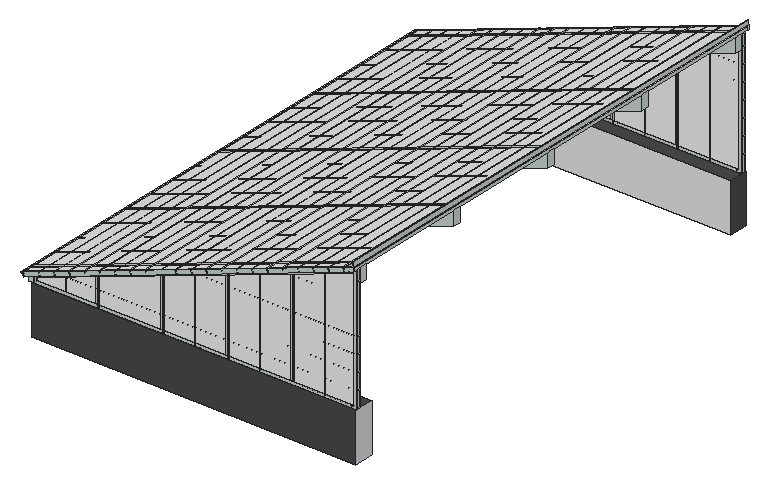
Revit family "Structures Unlimited Shed Skylight", category Generic Models, host Roof, Revit 2018
Family settings
  Host = Roof
  Can host rebar = No
  Round Connector Dimension = Use Diameter
  Part Type = Normal
  Always vertical = No
  Cut with Voids When Loaded = Yes
  Shared = Yes
  Room Calculation Point = No
Parameters (values of type "KCRF Aluminum #79")
  Wall Panel Horizontal PD [instance] = Real OCD Span - 0' 1"  # 19' - 11"
  Vertical PD [instance] = (Real OCD Span + 0' 3") / cos(Real Roof Pitch)  # 21' - 6.5952"
  URL = "https://www.structuresunlimitedinc.com/sui-3d-details/sui-shed-skylight/"
  Top Of Rafter [instance] = Cope Height + ((Real OCD Span - 0' 4 1/2")) * tan(Real Roof Pitch)  # 7' - 7.71499"
  Rows Of Rafters [instance] = Number Of Bays + 1  # 5
  Roof Pitch [instance] = 20.00°
  Right Kalwall Gable [instance] = yes
  Real Roof Pitch [instance] = if(Roof Pitch < 11.77°, 11.77°, if(Roof Pitch > 45.00°, 45.00°, Roof Pitch))  # 20.00°
  Real OCD Span [instance] = if(OCD Span < 10' 0", 10' 0", if(OCD Span > 38' 0", 38' 0", OCD Span))  # 20' - 0"
  Real OCD Length [instance] = if(OCD Length < 10' 0", 10' 0", if(OCD Length > 200' 0", 200' 0", OCD Length))  # 30' - 0"
  Panel Offset [instance] = 0' 5" / cos(Real Roof Pitch)  # 0' - 5.32089"
  OTOBB Span [instance] = Real OCD Span - 0' 4 1/2"  # 19' - 7 1/2"
  OCD Span [instance] = 20' - 0"
  OCD Length [instance] = 30' - 0"
  Number Of Horizontal Grids [instance] = Bay Spacing / 2' 0"  # 4
  Number Of Bays [instance] = if(Bay Spacing Calc > 10' 0", Nominal Number Of Bays + 1, Nominal Number Of Bays)  # 4
  Nominal Number Of Bays [instance] = round(Center To Center Of Beams / Nominal Bay Spacing)  # 4
  Nominal Bay Spacing [instance] = 8' - 0"  # constant formula
  Model = "Shed Skylight"
  Manufacturer = "Structures Unlimited, Inc."
  Left Kalwall Gable [instance] = yes
  KCRF = KCRF Aluminum #79
  Interior Curb Material [instance] = Gypsum Wall Board
  Horizontal PD [instance] = Real OCD Length + 0' 5"  # 30' - 5"
  Horizontal Grid Spacing [instance] = Bay Spacing / Number Of Horizontal Grids  # 1' - 9 3/4"
  Exterior Curb Material [instance] = Roofing, EPDM Membrane
  Even Horizontal Grids Real [instance] = roundup(Number Of Horizontal Grids / 2) = rounddown(Number Of Horizontal Grids / 2)  # yes
  Even Horizontal Grids [instance] = roundup(Number Of Bays / 2) = rounddown(Number Of Bays / 2)  # yes
  Even Bays [instance] = roundup(Number Of Bays / 2) = rounddown(Number Of Bays / 2)  # yes
  Curb Width [instance] = Beam Height + 0' 4"  # 1' - 2"
  Curb Height [instance] = 3' - 0"
  Cope Height [instance] = 0' - 6"  # constant formula
  Center To Center Of Beams [instance] = Real OCD Length - 0' 7" - Beam Width  # 29' - 0"
  Beam Width [instance] = 0' - 5"  # constant formula
  Beam Height [instance] = 0' - 10"  # constant formula
  Bay Spacing Calc [instance] = Center To Center Of Beams / Nominal Number Of Bays  # 7' - 3"
  Bay Spacing [instance] = Center To Center Of Beams / Number Of Bays  # 7' - 3"
Reference planes (in)
  plane 1 "Center (Front/Back)": y = 0
  plane 2 "Roof": z = 144
  plane 3 "Center (Left/Right)": x = 0
  plane 4: x = -120
  plane 5: x = 120
  plane 6: y = -180
  plane 7: y = 180
  plane 8: y = 166
  plane 9: y = -166
  plane 10: x = -106
  plane 11: z = 180
  plane 12 "Roof Pitch": through (-560.82584, -180, 265.6321) normal (-0.342, 0, 0.9397)
  plane 13: z = 271.71499
Forms (in)
  Extrusion 1, solid
    sketch origin (0, 0, 144) x (1, 0, 0) y (0, 1, 0)
      loop
        line (-120, 180) -> (-120, -180) -> (120, -180) -> (120, -166) -> (-106, -166) -> (-106, 166) -> (120, 166) -> (120, 180) -> (-120, 180)
    from 0 to 36
  Extrusion 2, void
    sketch origin (0, 0, 144) x (1, 0, 0) y (0, 1, 0)
      loop
        line (-106, 166) -> (-106, -166) -> (120, -166) -> (120, 166) -> (-106, 166)
    from 0 to 36
Lines and regions (in)
  reference lines
    curve 1: line (-119, 0, 186) -> (385.97172, 0, 369.79468)
    curve 2: line (-124, 0, 184.18015) -> (-183.45256, 0, 347.52472)
Dimensions and locks (in)
  equal spacing: host sketch curve, plane 3 "Center (Left/Right)", host sketch curve
  equal spacing: host sketch curve, plane 1 "Center (Front/Back)", host sketch curve
  equal spacing: plane 4, plane 3 "Center (Left/Right)", plane 5
  equal spacing: plane 7, plane 1 "Center (Front/Back)", plane 6
  "Real OCD Span": plane 4 to plane 5
  "Real OCD Length": plane 7 to plane 6
  "Curb Width": plane 4 to plane 10
  "Curb Width": plane 7 to plane 8
  "Curb Width": plane 9 to plane 6
  "Curb Height": plane 11 to plane 2 "Roof"
  "Cope Height": curve 1 to plane 11
  locked: curve 1 to plane 4 at 1
  "Panel Offset": curve 1 to curve 2
  "Top Of Rafter": plane 13 to plane 11
  locked: plane 4 to nested 1 at 1
  locked: plane 7 to nested 5 at 0.6875
  locked: nested 4 to plane 6 at 0.6875
  locked: plane 4 to nested 3 at 1
  locked: nested 4 to plane 4 at 1
  locked: nested 5 to plane 4 at 1
  "Real Roof Pitch": angle level to plane 12 "Roof Pitch"
  "Real Roof Pitch": angle plane 11 to curve 1
  locked: curve 1 to curve 2 (angle 90.00°)
  aligned and locked: plane 2 "Roof" to level
  aligned and locked: Extrusion 1 sketch curve to plane 8
  aligned and locked: Extrusion 1 sketch curve to plane 10
  aligned and locked: plane 9 to Extrusion 1 sketch curve
  aligned and locked: Extrusion 1 sketch curve to plane 5
  aligned and locked: plane 6 to Extrusion 1 sketch curve
  aligned and locked: plane 4 to Extrusion 1 sketch curve
  aligned and locked: Extrusion 1 sketch curve to plane 7
  aligned and locked: Extrusion 1 to plane 2 "Roof"
  aligned and locked: plane 11 to Extrusion 1
  aligned and locked: Extrusion 2 sketch curve to plane 8
  aligned and locked: Extrusion 2 sketch curve to plane 10
  aligned and locked: plane 9 to Extrusion 2 sketch curve
  aligned and locked: Extrusion 2 to plane 2 "Roof"
  aligned and locked: plane 11 to Extrusion 2
  aligned and locked: curve 2 to curve 1
  aligned and locked: nested 1 to plane 1 "Center (Front/Back)"
  aligned and locked: plane 11 to nested 1
  aligned and locked: nested 2 to curve 1
  aligned and locked: nested 2 to curve 2
  aligned and locked: nested 2 to plane 1 "Center (Front/Back)"
  aligned and locked: nested 3 to plane 1 "Center (Front/Back)"
  aligned and locked: plane 11 to nested 3
  aligned and locked: nested 5 to plane 11
  aligned and locked: nested 4 to plane 11
  aligned and locked: nested 6 to plane 1 "Center (Front/Back)"
  aligned and locked: nested 6 to plane 3 "Center (Left/Right)"
  aligned and locked: plane 11 to nested 6
  aligned and locked: plane 5 to Extrusion 1 sketch curve
  aligned and locked: plane 11 to nested 7
  aligned and locked: plane 5 to nested 7
  aligned and locked: nested 7 to plane 1 "Center (Front/Back)"
  aligned and locked: Extrusion 2 sketch curve to plane 5
Nested families (in)
  nested 1: "Shed Skylight Eave Strut" at (-121, 0, 180), Cope Height <- "Cope Height", OCD Length <- "Real OCD Length", Roof Pitch <- "Real Roof Pitch", Left Kalwall Gable <- "Left Kalwall Gable", Right Kalwall Gable <- "Right Kalwall Gable", CRF <- "KCRF", type "Shed Skylight Eave Strut"
    with Strut Width 0' - 4", Roof Pitch 20.00°, Right Offset 0' - 0 1/2", Right Kalwall Gable yes, OCD Length 30' - 0", Left Offset 0' - 0 1/2", Left Kalwall Gable yes, Cope Height 0' - 6", CRF KCRF Aluminum #79
  nested 2: "Shed Skylight Roof Panels" at (-124, 0, 184.18015) x (0, -1, 0) z (-0.342, 0, 0.9397), CRF <- "KCRF", Bay Spacing <- "Bay Spacing", Horizontal PD <- "Horizontal PD", Vertical PD <- "Vertical PD", Even Bays <- "Even Bays", Horizontal Grid Spacing <- "Horizontal Grid Spacing", Even Grids <- "Even Horizontal Grids Real", type "Shed Skylight Roof Panels"
    with Vertical PD 21' - 6.5952", Vertical Grid Spacing 1' - 0", Panel Skin Thickness 0' - 0.063", Panel Angle 90.00°, Overlap Width 0' - 1 3/4", Overlap Offset 0' - 0 7/8", IBeam Width 0' - 0 1/2", IBeam Thickness 0' - 2 5/8", Horizontal PD 30' - 5", Horizontal Grid Spacing 1' - 9 3/4", Half IBeam Width 0' - 0 1/4", Half Horizontal PD 15' - 2 1/2", Grid Offset 0' - 0", Even Grids yes, Even Bays yes, CRF KCRF Aluminum #79, Bay Spacing 7' - 3", Batten Width 0' - 2", Batten Thickness 0' - 0 1/8", Batten Offset 0' - 0"
  nested 3: "Shed Skylight Edge Cap" at (121, 0, 180), CRF <- "KCRF", Roof Pitch <- "Real Roof Pitch", Span <- "Real OCD Span", Vertical Offset <- "Cope Height", Length <- "Horizontal PD", type "Shed Skylight Edge Cap"
    with Vertical Offset 0' - 6", Thickness 0' - 0 1/8", Span 20' - 0", Roof Pitch 20.00°, Panel Offset 0' - 5.44589", Panel Depth 0' - 2 3/4", Length 30' - 5", Leg Length 0' - 0 1/2", Fake OCD Span 40' - 0", CRF KCRF Aluminum #79
  nested 4: "Shed Skylight Wall Panels" at (-600, -176.5615, 180) x (1, 0, 0) z (0, -1, 0), CRF <- "KCRF", Cope Height <- "Cope Height", Horizontal PD <- "Wall Panel Horizontal PD", Roof Pitch <- "Real Roof Pitch", visible <- "Left Kalwall Gable", type "Shed Skylight Wall Panels"
    with Vertical Grid Spacing 1' - 0", Roof Pitch 20.00°, Panel Skin Thickness 0' - 0.063", Overlap Width 0' - 1 3/4", Overlap Offset 0' - 0 7/8", IBeam Width 0' - 0 1/2", IBeam Thickness 0' - 2 5/8", Horizontal PD 19' - 11", Horizontal Grid Spacing 2' - 0", Half IBeam Width 0' - 0 1/4", Half Horizontal PD 9' - 11 1/2", Cope Height 0' - 6", CRF KCRF Aluminum #79, Bay Spacing 8' - 0", Batten Width 0' - 2", Batten Thickness 0' - 0 1/8"
  nested 5: "Shed Skylight Wall Panels" at (-600, 179.3125, 180) x (1, 0, 0) z (0, -1, 0), CRF <- "KCRF", Cope Height <- "Cope Height", Horizontal PD <- "Wall Panel Horizontal PD", Roof Pitch <- "Real Roof Pitch", visible <- "Right Kalwall Gable", type "Shed Skylight Wall Panels"
    with Vertical Grid Spacing 1' - 0", Roof Pitch 20.00°, Panel Skin Thickness 0' - 0.063", Overlap Width 0' - 1 3/4", Overlap Offset 0' - 0 7/8", IBeam Width 0' - 0 1/2", IBeam Thickness 0' - 2 5/8", Horizontal PD 19' - 11", Horizontal Grid Spacing 2' - 0", Half IBeam Width 0' - 0 1/4", Half Horizontal PD 9' - 11 1/2", Cope Height 0' - 6", CRF KCRF Aluminum #79, Bay Spacing 8' - 0", Batten Width 0' - 2", Batten Thickness 0' - 0 1/8"
  nested 6: "Shed Skylight Framing" at (0, 0, 180), KCRF <- "KCRF", Bay Spacing <- "Bay Spacing", Beam Height <- "Beam Height", Beam Width <- "Beam Width", Cope Height <- "Cope Height", OCD Length <- "Real OCD Length", OCD Span <- "Real OCD Span", Roof Pitch <- "Real Roof Pitch", Even Bays <- "Even Bays", type "Shed Skylight Framing"
    with Void Width 6' - 10", Void Offset 3' - 7 1/2", Roof Pitch 20.00°, OCD Span 20' - 0", OCD Length 30' - 0", KCRF KCRF Aluminum #79, Even Bays yes, Cope Height 0' - 6", Beam Width 0' - 5", Beam Height 0' - 10", Bay Spacing 7' - 3"
  nested 7: "Shed Skylight Ridge Cover" at (120, 0, 180) x (0, 1, 0) z (0, 0, 1), Cope Height <- "Cope Height", CRF <- "KCRF", OCD Length <- "Real OCD Length", OCD Span <- "Real OCD Span", Roof Pitch <- "Real Roof Pitch", type "Shed Skylight Ridge Cover"
    with Top Of Rafter 7' - 8.98889", Top Of RCE 0' - 6.12655", Roof Pitch 20.00°, RCE Offset 0' - 4.0651", OCD Span 20' - 0", OCD Length 30' - 0", Cope Height 0' - 6", CRF KCRF Aluminum #79
Definition of nested family "Shed Skylight Eave Strut"
  Parameters (values of type "Shed Skylight Eave Strut")
    Strut Width [instance] = 0' - 4"  # constant formula
    Roof Pitch [instance] = 25.00°
    Right Offset [instance] = if(Right Kalwall Gable, 0' 0 1/2", 0' 3 1/2")  # 0' - 0 1/2"
    Right Kalwall Gable [instance] = yes
    OCD Length [instance] = 16' - 8"
    Left Offset [instance] = if(Left Kalwall Gable, 0' 0 1/2", 0' 3 1/2")  # 0' - 0 1/2"
    Left Kalwall Gable [instance] = yes
    Cope Height [instance] = 0' - 6"
    CRF [instance] = none
  Reference planes (in)
    plane 1 "Center (Front/Back)": y = 0
    plane 2: z = 0
    plane 3 "Center (Left/Right)": x = 0
    plane 4: y = 100
    plane 5: y = -100
    plane 6: y = 99.5
    plane 7: y = -99.5
    plane 8: x = -2
    plane 9: x = 2
    plane 10: z = 6
    plane 11: z = 0
  Forms (in)
    Extrusion 1, solid, material <- "CRF"
      sketch origin (0, 0, 0) x (1, 0, 0) y (0, 0, 1)
        loop
          line (2, 6) -> (-2, 4.13477) -> (-2, 0) -> (2, 0) -> (2, 6)
      from -99.5 to 99.5
  Lines and regions (in)
    reference lines
      curve 1: line (2, 0, 6) -> (-2, 0, 4.13477)
  Dimensions and locks (in)
    equal spacing: plane 4, plane 1 "Center (Front/Back)", plane 5
    "OCD Length": plane 4 to plane 5
    "Right Offset": plane 4 to plane 6
    "Left Offset": plane 7 to plane 5
    "Strut Width": plane 8 to plane 9
    "Cope Height": plane 10 to plane 2
    locked: plane 9 to curve 1
    locked: plane 10 to curve 1
    locked: curve 1 to plane 8 at 0
    equal spacing: plane 8, plane 3 "Center (Left/Right)", plane 9
    "Roof Pitch": angle plane 2 to curve 1
    aligned and locked: plane 2 to level
    aligned and locked: Extrusion 1 sketch curve to plane 9
    aligned and locked: Extrusion 1 sketch curve to curve 1
    aligned and locked: plane 8 to Extrusion 1 sketch curve
    aligned and locked: plane 2 to Extrusion 1 sketch curve
    aligned and locked: plane 2 to plane 11
    aligned and locked: Extrusion 1 to plane 7
    aligned and locked: plane 6 to Extrusion 1
Definition of nested family "Shed Skylight Roof Panels"
  Parameters (values of type "Shed Skylight Roof Panels")
    Vertical PD [instance] = 14' - 7"
    Vertical Grid Spacing [instance] = 1' - 0"  # constant formula
    Panel Skin Thickness [instance] = 0' - 0.063"  # constant formula
    Panel Angle [instance] = 90.00°
    Overlap Width [instance] = 0' - 1 3/4"  # constant formula
    Overlap Offset [instance] = Overlap Width / 2  # 0' - 0 7/8"
    IBeam Width [instance] = 0' - 0 1/2"  # constant formula
    IBeam Thickness [instance] = 0' - 2 5/8"  # constant formula
    Horizontal PD [instance] = 16' - 8"
    Horizontal Grid Spacing [instance] = 2' - 0"
    Half IBeam Width [instance] = IBeam Width / 2  # 0' - 0 1/4"
    Half Horizontal PD [instance] = Horizontal PD / 2  # 8' - 4"
    Grid Offset [instance] = if(Even Grids, 0' 0", Horizontal Grid Spacing / 2)  # 1' - 0"
    Even Grids [instance] = no
    Even Bays [instance] = no
    Default Elevation = 4' - 0"
    CRF [instance] = none
    Bay Spacing [instance] = 8' - 0"
    Batten Width [instance] = 0' - 2"  # constant formula
    Batten Thickness [instance] = 0' - 0 1/8"  # constant formula
    Batten Offset [instance] = if(Even Bays, 0' 0", Bay Spacing / 2)  # 4' - 0"
  Reference planes (in)
    plane 1 "Center (Front/Back)": y = 0
    plane 2: z = 0
    plane 3 "Center (Left/Right)": x = 0
    plane 4 "Left Panel": x = -100
    plane 5 "Right Panel": x = 100
    plane 6: z = 0.063
    plane 7: z = 2.688
    plane 8: z = 2.751
    plane 9: y = -1.75
    plane 10 "Left Outside": x = -2000
    plane 11 "Right Outside": x = 2000
    plane 12: y = 0.25
    plane 13 "Max Top PD": y = 1080
    plane 14 "Max Left PD": x = -1976
    plane 15 "Max Right PD": x = 1976
    plane 16 "Top Outside": y = 1104
    plane 17: x = -36
    plane 18: x = -60
    plane 19: x = -84
    plane 20: x = -108
    plane 21: x = -132
    plane 22: x = -156
    plane 23: x = -180
    plane 24: x = -204
    plane 25: x = 12
    plane 26: x = 36
    plane 27: x = 60
    plane 28: x = 84
    plane 29: x = 108
    plane 30: x = 132
    plane 31: x = 156
    plane 32: x = 180
    plane 33: x = 204
    plane 34: x = -228
    plane 35: x = -252
    plane 36: x = 228
    plane 37: x = -276
    plane 38: x = -300
    plane 39: x = -324
    plane 40: x = -348
    plane 41: x = -372
    plane 42: x = -396
    plane 43: x = -420
    plane 44: x = 252
    plane 45: x = 276
    plane 46: x = 300
    plane 47: x = 324
    plane 48: x = 348
    plane 49: x = 372
    plane 50: x = 396
    plane 51: y = 12.25
    plane 52: y = 24.25
    plane 53: y = 36.25
    plane 54: y = 48.25
    plane 55: y = 60.25
    plane 56: y = 72.25
    plane 57: y = 84.25
    plane 58: y = 96.25
    plane 59: y = 108.25
    plane 60: z = 2.876
    plane 61: z = -0.125
    plane 62 "Bot Max": y = -36
    plane 63 "Bot Outside": y = -48
    plane 64: x = -444
    plane 65: x = -468
    plane 66: x = 420
    plane 67: x = 444
    plane 68: y = 120.25
    plane 69: y = 132.25
    plane 70: y = 144.25
    plane 71: y = 156.25
    plane 72: y = 168.25
    plane 73: y = 180.25
    plane 74: y = 192.25
    plane 75: y = 204.25
    plane 76: y = 216.25
    plane 77: y = 228.25
    plane 78: y = 240.25
    plane 79: y = 252.25
    plane 80: y = 264.25
    plane 81: y = 276.25
    plane 82: y = 288.25
    plane 83: y = 300.25
    plane 84: y = 312.25
    plane 85: y = 324.25
    plane 86: y = 336.25
    plane 87: y = 348.25
    plane 88: y = 360.25
    plane 89: y = 372.25
    plane 90: y = 384.25
    plane 91: y = 396.25
    plane 92: y = 408.25
    plane 93: y = 420.25
    plane 94: y = 432.25
    plane 95: y = 444.25
    plane 96: y = 456.25
    plane 97: y = 468.25
    plane 98: y = 480.25
    plane 99: y = 492.25
    plane 100: y = 504.25
    plane 101: y = 516.25
    plane 102: y = 528.25
    plane 103: x = -492
    plane 104: x = -516
    plane 105: x = -540
    plane 106: x = -564
    plane 107: x = -588
    plane 108: x = -612
    plane 109: x = -636
    plane 110: x = -660
    plane 111: x = -684
    plane 112: x = -708
    plane 113: x = -732
    plane 114: x = -756
    plane 115: x = 468
    plane 116: x = 492
    plane 117: x = 540
    plane 118: x = 516
    plane 119: x = 564
    plane 120: x = 588
    plane 121: x = 636
    plane 122: x = 612
    plane 123: x = 660
    plane 124: x = 684
    plane 125: x = 708
    plane 126: x = 732
    plane 127: y = 540.25
    plane 128: y = 552.25
    plane 129: y = 564.25
    plane 130: y = 576.25
    plane 131: y = 588.25
    plane 132: y = 600.25
    plane 133: y = 612.25
    plane 134: y = 624.25
    plane 135: y = 636.25
    plane 136: y = 648.25
    plane 137: y = 660.25
    plane 138: y = 684.25
    plane 139: y = 696.25
    plane 140: y = 672.25
    plane 141: y = 708.25
    plane 142: y = 720.25
    plane 143: y = 744.25
    plane 144: y = 732.25
    plane 145: y = 768.25
    plane 146: y = 756.25
    plane 147: y = 780.25
    plane 148: y = 804.25
    plane 149: y = 792.25
    plane 150: y = 816.25
    plane 151: y = 828.25
    plane 152: y = 840.25
    plane 153: y = 852.25
    plane 154: y = 864.25
    plane 155: y = 876.25
    plane 156: y = 888.25
    plane 157: y = 900.25
    plane 158: y = 912.25
    plane 159: y = 936.25
    plane 160: y = 948.25
    plane 161: y = 960.25
    plane 162: y = 924.25
    plane 163: x = -780
    plane 164: x = -804
    plane 165: x = -828
    plane 166: x = -852
    plane 167: x = -876
    plane 168: x = -900
    plane 169: x = -924
    plane 170: x = -948
    plane 171: x = -972
    plane 172: x = 756
    plane 173: x = 780
    plane 174: x = 804
    plane 175: x = 828
    plane 176: x = 852
    plane 177: x = 876
    plane 178: x = 900
    plane 179: x = 924
    plane 180: x = 948
    plane 181: x = -996
    plane 182: x = -1020
    plane 183: x = -1044
    plane 184: x = -1068
    plane 185: x = 972
    plane 186: x = 996
    plane 187: x = 1020
    plane 188: x = 1044
    plane 189: x = -1092
    plane 190: x = -1116
    plane 191: x = -1140
    plane 192: x = -1164
    plane 193: x = 1068
    plane 194: x = 1092
    plane 195: x = 1116
    plane 196: x = 1140
    plane 197: x = -1188
    plane 198: x = -1212
    plane 199: x = -1236
    plane 200: x = 1188
    plane 201: x = 1164
    plane 202: x = 1212
    plane 203: y = 175.25
    plane 204: x = -1200
    plane 205: x = -1104
    plane 206: x = -1008
    plane 207: x = -912
    plane 208: x = -816
    plane 209: x = -720
    plane 210: x = -624
    plane 211: x = -528
    plane 212: x = -432
    plane 213: x = -336
    plane 214: x = -240
    plane 215: x = -144
    plane 216: x = -48
    plane 217: x = 48
    plane 218: x = 144
    plane 219: x = 240
    plane 220: x = 336
    plane 221: x = 432
    plane 222: x = 528
    plane 223: x = 624
    plane 224: x = 720
    plane 225: x = 816
    plane 226: x = 912
    plane 227: x = 1008
    plane 228: x = 1104
    plane 229: x = 1200
    plane 230: x = -12
  Forms (in)
    Extrusion 1, solid
      sketch origin (0, 0, 0) x (1, 0, 0) y (0, 1, 0)
        loop
          line (1976, 0) -> (1976, 1080) -> (-1976, 1080) -> (-1976, 0) -> (1976, 0)
      from 0.063 to 0
    Extrusion 2, solid
      sketch origin (0, 0, 0) x (1, 0, 0) y (0, 1, 0)
        loop
          line (1976, -1.75) -> (1976, 1080) -> (-1976, 1080) -> (-1976, -1.75) -> (1976, -1.75)
      from 2.688 to 2.751
    Sweep 3, solid
      path origin (0, 0, 0) x (1, 0, 0) y (0, 1, 0)
        loop
          line (1976, 1080) -> (1976, 0.25) -> (1212, 0.25) -> (1212, 1080) -> (1188, 1080) -> (1188, 0.25) -> (1164, 0.25) -> (1164, 1080) -> (1140, 1080) -> (1140, 0.25) -> (1116, 0.25) -> (1116, 1080) -> (1092, 1080) -> (1092, 0.25) -> (1068, 0.25) -> (1068, 1080) -> (1044, 1080) -> (1044, 0.25) -> (1020, 0.25) -> (1020, 1080) -> (996, 1080) -> (996, 0.25) -> (972, 0.25) -> (972, 1080) -> (948, 1080) -> (948, 0.25) -> (924, 0.25) -> (924, 1080) -> (900, 1080) -> (900, 0.25) -> (876, 0.25) -> (876, 1080) -> (852, 1080) -> (852, 0.25) -> (828, 0.25) -> (828, 1080) -> (804, 1080) -> (804, 0.25) -> (780, 0.25) -> (780, 1080) -> (756, 1080) -> (756, 0.25) -> (732, 0.25) -> (732, 1080) -> (708, 1080) -> (708, 0.25) -> (684, 0.25) -> (684, 1080) -> (660, 1080) -> (660, 0.25) -> (636, 0.25) -> (636, 1080) -> (612, 1080) -> (612, 0.25) -> (588, 0.25) -> (588, 1080) -> (564, 1080) -> (564, 0.25) -> (540, 0.25) -> (540, 1080) -> (516, 1080) -> (516, 0.25) -> (492, 0.25) -> (492, 1080) -> (468, 1080) -> (468, 0.25) -> (444, 0.25) -> (444, 1080) -> (420, 1080) -> (420, 0.25) -> (396, 0.25) -> (396, 1080) -> (372, 1080) -> (372, 0.25) -> (348, 0.25) -> (348, 1080) -> (324, 1080) -> (324, 0.25) -> (300, 0.25) -> (300, 1080) -> (276, 1080) -> (276, 0.25) -> (252, 0.25) -> (252, 1080) -> (228, 1080) -> (228, 0.25) -> (204, 0.25) -> (204, 1080) -> (180, 1080) -> (180, 0.25) -> (156, 0.25) -> (156, 1080) -> (132, 1080) -> (132, 0.25) -> (108, 0.25) -> (108, 1080) -> (84, 1080) -> (84, 0.25) -> (60, 0.25) -> (60, 1080) -> (36, 1080) -> (36, 0.25) -> (12, 0.25) -> (12, 1080) -> (-12, 1080) -> (-12, 0.25) -> (-36, 0.25) -> (-36, 1080) -> (-60, 1080) -> (-60, 0.25) -> (-84, 0.25) -> (-84, 1080) -> (-108, 1080) -> (-108, 0.25) -> (-132, 0.25) -> (-132, 1080) -> (-156, 1080) -> (-156, 0.25) -> (-180, 0.25) -> (-180, 1080) -> (-204, 1080) -> (-204, 0.25) -> (-228, 0.25) -> (-228, 1080) -> (-252, 1080) -> (-252, 0.25) -> (-276, 0.25) -> (-276, 1080) -> (-300, 1080) -> (-300, 0.25) -> (-324, 0.25) -> (-324, 1080) -> (-348, 1080) -> (-348, 0.25) -> (-372, 0.25) -> (-372, 1080) -> (-396, 1080) -> (-396, 0.25) -> (-420, 0.25) -> (-420, 1080) -> (-444, 1080) -> (-444, 0.25) -> (-468, 0.25) -> (-468, 1080) -> (-492, 1080) -> (-492, 0.25) -> (-516, 0.25) -> (-516, 1080) -> (-540, 1080) -> (-540, 0.25) -> (-564, 0.25) -> (-564, 1080) -> (-588, 1080) -> (-588, 0.25) -> (-612, 0.25) -> (-612, 1080) -> (-636, 1080) -> (-636, 0.25) -> (-660, 0.25) -> (-660, 1080) -> (-684, 1080) -> (-684, 0.25) -> (-708, 0.25) -> (-708, 1080) -> (-732, 1080) -> (-732, 0.25) -> (-756, 0.25) -> (-756, 1080) -> (-780, 1080) -> (-780, 0.25) -> (-804, 0.25) -> (-804, 1080) -> (-828, 1080) -> (-828, 0.25) -> (-852, 0.25) -> (-852, 1080) -> (-876, 1080) -> (-876, 0.25) -> (-900, 0.25) -> (-900, 1080) -> (-924, 1080) -> (-924, 0.25) -> (-948, 0.25) -> (-948, 1080) -> (-972, 1080) -> (-972, 0.25) -> (-996, 0.25) -> (-996, 1080) -> (-1020, 1080) -> (-1020, 0.25) -> (-1044, 0.25) -> (-1044, 1080) -> (-1068, 1080) -> (-1068, 0.25) -> (-1092, 0.25) -> (-1092, 1080) -> (-1116, 1080) -> (-1116, 0.25) -> (-1140, 0.25) -> (-1140, 1080) -> (-1164, 1080) -> (-1164, 0.25) -> (-1188, 0.25) -> (-1188, 1080) -> (-1212, 1080) -> (-1212, 0.25) -> (-1236, 0.25) -> (-1236, 1080) -> (-1976, 1080) -> (-1976, 0.25)
      profile origin (-1976, 540.125, 0) x (1, 0, 0) y (0, 0, 1)
        loop
          line (0.25, 0.063) -> (0.25, 2.688) -> (-0.25, 2.688) -> (-0.25, 0.063) -> (0.25, 0.063)
    Sweep 4, solid
      path origin (0, 0, 0) x (1, 0, 0) y (0, 1, 0)
        loop
          line (1976, 1080) -> (-1976, 1080) -> (-1976, 960.25) -> (1976, 960.25) -> (1976, 948.25) -> (-1976, 948.25) -> (-1976, 936.25) -> (1976, 936.25) -> (1976, 924.25) -> (-1976, 924.25) -> (-1976, 912.25) -> (1976, 912.25) -> (1976, 900.25) -> (-1976, 900.25) -> (-1976, 888.25) -> (1976, 888.25) -> (1976, 876.25) -> (-1976, 876.25) -> (-1976, 864.25) -> (1976, 864.25) -> (1976, 852.25) -> (-1976, 852.25) -> (-1976, 840.25) -> (1976, 840.25) -> (1976, 828.25) -> (-1976, 828.25) -> (-1976, 816.25) -> (1976, 816.25) -> (1976, 804.25) -> (-1976, 804.25) -> (-1976, 792.25) -> (1976, 792.25) -> (1976, 780.25) -> (-1976, 780.25) -> (-1976, 768.25) -> (1976, 768.25) -> (1976, 756.25) -> (-1976, 756.25) -> (-1976, 744.25) -> (1976, 744.25) -> (1976, 732.25) -> (-1976, 732.25) -> (-1976, 720.25) -> (1976, 720.25) -> (1976, 708.25) -> (-1976, 708.25) -> (-1976, 696.25) -> (1976, 696.25) -> (1976, 684.25) -> (-1976, 684.25) -> (-1976, 672.25) -> (1976, 672.25) -> (1976, 660.25) -> (-1976, 660.25) -> (-1976, 648.25) -> (1976, 648.25) -> (1976, 636.25) -> (-1976, 636.25) -> (-1976, 624.25) -> (1976, 624.25) -> (1976, 612.25) -> (-1976, 612.25) -> (-1976, 600.25) -> (1976, 600.25) -> (1976, 588.25) -> (-1976, 588.25) -> (-1976, 576.25) -> (1976, 576.25) -> (1976, 564.25) -> (-1976, 564.25) -> (-1976, 552.25) -> (1976, 552.25) -> (1976, 540.25) -> (-1976, 540.25) -> (-1976, 528.25) -> (1976, 528.25) -> (1976, 516.25) -> (-1976, 516.25) -> (-1976, 504.25) -> (1976, 504.25) -> (1976, 492.25) -> (-1976, 492.25) -> (-1976, 480.25) -> (1976, 480.25) -> (1976, 468.25) -> (-1976, 468.25) -> (-1976, 456.25) -> (1976, 456.25) -> (1976, 444.25) -> (-1976, 444.25) -> (-1976, 432.25) -> (1976, 432.25) -> (1976, 420.25) -> (-1976, 420.25) -> (-1976, 408.25) -> (1976, 408.25) -> (1976, 396.25) -> (-1976, 396.25) -> (-1976, 384.25) -> (1976, 384.25) -> (1976, 372.25) -> (-1976, 372.25) -> (-1976, 360.25) -> (1976, 360.25) -> (1976, 348.25) -> (-1976, 348.25) -> (-1976, 336.25) -> (1976, 336.25) -> (1976, 324.25) -> (-1976, 324.25) -> (-1976, 312.25) -> (1976, 312.25) -> (1976, 300.25) -> (-1976, 300.25) -> (-1976, 288.25) -> (1976, 288.25) -> (1976, 276.25) -> (-1976, 276.25) -> (-1976, 264.25) -> (1976, 264.25) -> (1976, 252.25) -> (-1976, 252.25) -> (-1976, 240.25) -> (1976, 240.25) -> (1976, 228.25) -> (-1976, 228.25) -> (-1976, 216.25) -> (1976, 216.25) -> (1976, 204.25) -> (-1976, 204.25) -> (-1976, 192.25) -> (1976, 192.25) -> (1976, 180.25) -> (-1976, 180.25) -> (-1976, 168.25) -> (1976, 168.25) -> (1976, 156.25) -> (-1976, 156.25) -> (-1976, 144.25) -> (1976, 144.25) -> (1976, 132.25) -> (-1976, 132.25) -> (-1976, 120.25) -> (1976, 120.25) -> (1976, 108.25) -> (-1976, 108.25) -> (-1976, 96.25) -> (1976, 96.25) -> (1976, 84.25) -> (-1976, 84.25) -> (-1976, 72.25) -> (1976, 72.25) -> (1976, 60.25) -> (-1976, 60.25) -> (-1976, 48.25) -> (1976, 48.25) -> (1976, 36.25) -> (-1976, 36.25) -> (-1976, 24.25) -> (1976, 24.25) -> (1976, 12.25) -> (-1976, 12.25) -> (-1976, 0.25) -> (1976, 0.25)
      profile origin (0, 0.25, 0) x (0, 1, 0) y (0, 0, 1)
        loop
          line (-0.25, 2.688) -> (-0.25, 0.063) -> (0.25, 0.063) -> (0.25, 2.688) -> (-0.25, 2.688)
    Extrusion 5, void
      sketch origin (0, 0, 0) x (1, 0, 0) y (0, 1, 0)
        loop
          line (-100, -1.75) -> (-100, 175.25) -> (100, 175.25) -> (100, -1.75) -> (2000, -1.75) -> (2000, 1104) -> (-2000, 1104) -> (-2000, -1.75) -> (-100, -1.75)
      from -0.125 to 2.876
    Extrusion 6, void
      sketch origin (0, 0, 0) x (1, 0, 0) y (0, 1, 0)
        loop
          line (-2000, -48) -> (2000, -48) -> (2000, 0) -> (-2000, 0) -> (-2000, -48)
      from -0.125 to 2.876
    Sweep 7, solid, material <- "CRF"
      path origin (0, 0, 0) x (1, 0, 0) y (0, 1, 0)
        loop
          line (1976, 1079.125) -> (-1976, 1079.125) -> (-1976, 959.375) -> (1976, 959.375) -> (1976, 899.375) -> (-1976, 899.375) -> (-1976, 839.375) -> (1976, 839.375) -> (1976, 779.375) -> (-1976, 779.375) -> (-1976, 719.375) -> (1976, 719.375) -> (1976, 659.375) -> (-1976, 659.375) -> (-1976, 599.375) -> (1976, 599.375) -> (1976, 539.375) -> (-1976, 539.375) -> (-1976, 479.375) -> (1976, 479.375) -> (1976, 419.375) -> (-1976, 419.375) -> (-1976, 359.375) -> (1976, 359.375) -> (1976, 299.375) -> (-1976, 299.375) -> (-1976, 239.375) -> (1976, 239.375) -> (1976, 179.375) -> (-1976, 179.375) -> (-1976, 119.375) -> (1976, 119.375) -> (1976, 59.375) -> (-1976, 59.375)
      profile origin (0, 59.375, 0) x (0, -1, 0) y (0, 0, 1)
        loop
          line (-0.875, 2.688) -> (-0.875, -0.125) -> (0.875, -0.125) -> (0.875, 2.688) -> (-0.875, 2.688)
    Sweep 8, solid, material <- "CRF"
      path origin (0, 0, 0) x (1, 0, 0) y (0, 1, 0)
        loop
          line (1976, -36) -> (1976, 1080) -> (1200, 1080) -> (1200, -36) -> (1104, -36) -> (1104, 1080) -> (1008, 1080) -> (1008, -36) -> (912, -36) -> (912, 1080) -> (816, 1080) -> (816, -36) -> (720, -36) -> (720, 1080) -> (624, 1080) -> (624, -36) -> (528, -36) -> (528, 1080) -> (432, 1080) -> (432, -36) -> (336, -36) -> (336, 1080) -> (240, 1080) -> (240, -36) -> (144, -36) -> (144, 1080) -> (48, 1080) -> (48, -36) -> (-48, -36) -> (-48, 1080) -> (-144, 1080) -> (-144, -36) -> (-240, -36) -> (-240, 1080) -> (-336, 1080) -> (-336, -36) -> (-432, -36) -> (-432, 1080) -> (-528, 1080) -> (-528, -36) -> (-624, -36) -> (-624, 1080) -> (-720, 1080) -> (-720, -36) -> (-816, -36) -> (-816, 1080) -> (-912, 1080) -> (-912, -36) -> (-1008, -36) -> (-1008, 1080) -> (-1104, 1080) -> (-1104, -36) -> (-1200, -36) -> (-1200, 1080) -> (-1976, 1080) -> (-1976, -36)
      profile origin (-1976, 522, 0) x (1, 0, 0) y (0, 0, 1)
        loop
          line (-1, 2.876) -> (-1, -0.125) -> (1, -0.125) -> (1, 2.876) -> (-1, 2.876)
    Extrusion 9, solid, material <- "CRF"
      sketch origin (0, 0, 0) x (0, 1, 0) y (0, 0, 1)
        loop
          line (0, 2.688) -> (-1.75, 2.688) -> (-1.75, 2.563) -> (-0.125, 2.563) -> (-0.125, -0.125) -> (0.5, -0.125) -> (0.5, 0) -> (0, 0) -> (0, 2.688)
      from -1976 to 1976
  Cuts and joins
    Extrusion 5, Extrusion 6 cuts Sweep 4
    Extrusion 5, Extrusion 6 cuts Sweep 3
    Extrusion 5 cuts Extrusion 2
    Extrusion 5, Extrusion 6 cuts Extrusion 1
    Extrusion 5 cuts Sweep 7
    Extrusion 5, Extrusion 6 cuts Sweep 8
    Extrusion 5 cuts Extrusion 9
  Lines and regions (in)
    reference lines
      curve 1: line (-100, 0, 0) -> (-100, 318, 0)
      curve 2: line (100, 0, 0) -> (100, 456, 0)
  Dimensions and locks (in)
    locked: plane 1 "Center (Front/Back)" to curve 1
    locked: plane 4 "Left Panel" to curve 1
    locked: plane 5 "Right Panel" to curve 2
    locked: plane 1 "Center (Front/Back)" to curve 2 at 0
    "Panel Skin Thickness": plane 6 to plane 2
    "IBeam Thickness": plane 7 to plane 6
    "Panel Skin Thickness": plane 8 to plane 7
    "Half Horizontal PD": plane 4 "Left Panel" to plane 3 "Center (Left/Right)"
    "Half Horizontal PD": plane 3 "Center (Left/Right)" to plane 5 "Right Panel"
    "Overlap Width": plane 1 "Center (Front/Back)" to plane 9
    locked: plane 10 "Left Outside" to plane 3 "Center (Left/Right)" at 2000
    locked: plane 3 "Center (Left/Right)" to plane 11 "Right Outside" at 2000
    "Half IBeam Width": plane 1 "Center (Front/Back)" to plane 12
    locked: plane 1 "Center (Front/Back)" to plane 13 "Max Top PD" at 1080
    equal spacing: Sweep 3 sketch curve, profile plane, Sweep 3 sketch curve
    "IBeam Width": Sweep 3 sketch curve to Sweep 3 sketch curve
    "IBeam Width": Sweep 4 sketch curve to Sweep 4 sketch curve
    equal spacing: Sweep 4 sketch curve, plane 12, Sweep 4 sketch curve
    "Batten Thickness": plane 60 to plane 8
    "Batten Thickness": plane 2 to plane 61
    locked: plane 62 "Bot Max" to plane 1 "Center (Front/Back)" at 36
    locked: plane 63 "Bot Outside" to plane 1 "Center (Front/Back)" at 48
    "Vertical Grid Spacing": plane 102 to plane 101 to plane 100 to plane 99 to plane 98 to plane 97 to plane 96 to plane 95 to plane 94 to plane 93 to plane 92 to plane 91 to plane 90 to plane 89 to plane 88 to plane 87 to plane 86 to plane 85 to plane 84 to plane 83 to plane 82 to plane 81 to plane 80 to plane 79 to plane 78 to plane 77 to plane 76 to plane 75 to plane 74 to plane 73 to plane 72 to plane 71 to plane 70 to plane 69 to plane 68 to plane 59 to plane 58 to plane 57 to plane 56 to plane 55 to plane 54 to plane 53 to plane 52 to plane 51 to plane 12
    "Overlap Offset": Sweep 7 sketch curve to plane 55
    "Overlap Offset": plane 68 to Sweep 7 sketch curve
    "Overlap Offset": plane 73 to Sweep 7 sketch curve
    "Overlap Offset": plane 78 to Sweep 7 sketch curve
    "Overlap Offset": plane 83 to Sweep 7 sketch curve
    "Overlap Offset": Sweep 7 sketch curve to plane 88
    "Overlap Offset": plane 93 to Sweep 7 sketch curve
    "Overlap Offset": Sweep 7 sketch curve to plane 98
    "Overlap Offset": plane 13 "Max Top PD" to Sweep 7 sketch curve
    equal spacing: Sweep 7 sketch curve, profile plane, Sweep 7 sketch curve
    "Overlap Width": Sweep 7 sketch curve to Sweep 7 sketch curve
    locked: plane 10 "Left Outside" to plane 14 "Max Left PD" at 24
    locked: plane 15 "Max Right PD" to plane 11 "Right Outside" at 24
    locked: plane 16 "Top Outside" to plane 13 "Max Top PD" at 24
    "Vertical Grid Spacing": plane 102 to plane 127 to plane 128 to plane 129 to plane 130 to plane 131 to plane 132 to plane 133 to plane 134 to plane 135 to plane 136 to plane 137 to plane 140 to plane 138 to plane 139 to plane 141 to plane 142 to plane 144 to plane 143 to plane 146 to plane 145 to plane 147
    "Vertical Grid Spacing": plane 147 to plane 149 to plane 148 to plane 150 to plane 151 to plane 152 to plane 153 to plane 154 to plane 155 to plane 156 to plane 157 to plane 158 to plane 162 to plane 159 to plane 160 to plane 161
    "Overlap Offset": Sweep 7 sketch curve to plane 127
    "Overlap Offset": plane 132 to Sweep 7 sketch curve
    "Overlap Offset": Sweep 7 sketch curve to plane 137
    "Overlap Offset": Sweep 7 sketch curve to plane 142
    "Overlap Offset": Sweep 7 sketch curve to plane 147
    "Overlap Offset": Sweep 7 sketch curve to plane 152
    "Overlap Offset": plane 157 to Sweep 7 sketch curve
    "Overlap Offset": Sweep 7 sketch curve to plane 161
    "Vertical PD": plane 203 to plane 12
    "Batten Offset": plane 216 to plane 3 "Center (Left/Right)"
    "Bay Spacing": plane 204 to plane 205 to plane 206 to plane 207 to plane 208 to plane 209 to plane 210 to plane 211 to plane 212 to plane 213 to plane 214 to plane 215 to plane 216
    "Bay Spacing": plane 216 to plane 217 to plane 218 to plane 219 to plane 220 to plane 221 to plane 222 to plane 223 to plane 224 to plane 225 to plane 226 to plane 227 to plane 228
    equal spacing: Sweep 8 sketch curve, profile plane, Sweep 8 sketch curve
    "Batten Width": Sweep 8 sketch curve to Sweep 8 sketch curve
    "Bay Spacing": plane 228 to plane 229
    locked: Extrusion 9 sketch curve to Extrusion 9 sketch curve at 0.125  (x3)
    locked: Extrusion 9 sketch curve to Extrusion 9 sketch curve at 0.5
    "Grid Offset": plane 230 to plane 3 "Center (Left/Right)"
    "Horizontal Grid Spacing": plane 199 to plane 198 to plane 197 to plane 192 to plane 191 to plane 190 to plane 189 to plane 184 to plane 183 to plane 182 to plane 181 to plane 171 to plane 170 to plane 169 to plane 168 to plane 167 to plane 166 to plane 165 to plane 164 to plane 163 to plane 114 to plane 113 to plane 112 to plane 111 to plane 110 to plane 109 to plane 108 to plane 107 to plane 106 to plane 105 to plane 104 to plane 103 to plane 65 to plane 64 to plane 43 to plane 42 to plane 41 to plane 40 to plane 39 to plane 38 to plane 37 to plane 35 to plane 34 to plane 24 to plane 23 to plane 22 to plane 21 to plane 20 to plane 19 to plane 18 to plane 17 to plane 230 to plane 25 to plane 26 to plane 27 to plane 28 to plane 29 to plane 30 to plane 31 to plane 32 to plane 33 to plane 36 to plane 44 to plane 45 to plane 46 to plane 47 to plane 48 to plane 49 to plane 50 to plane 66 to plane 67 to plane 115 to plane 116 to plane 118 to plane 117 to plane 119 to plane 120 to plane 122 to plane 121 to plane 123 to plane 124 to plane 125 to plane 126 to plane 172 to plane 173 to plane 174 to plane 175 to plane 176 to plane 177 to plane 178 to plane 179 to plane 180 to plane 185 to plane 186 to plane 187 to plane 188 to plane 193 to plane 194 to plane 195 to plane 196 to plane 201 to plane 200 to plane 202
    "Panel Angle": angle plane 1 "Center (Front/Back)" to curve 1
    "Panel Angle": angle curve 2 to plane 1 "Center (Front/Back)"
    aligned and locked: level to plane 2
    aligned and locked: Extrusion 1 sketch curve to plane 1 "Center (Front/Back)"
    aligned and locked: plane 2 to Extrusion 1
    aligned and locked: Extrusion 1 to plane 6
    aligned and locked: Extrusion 2 sketch curve to plane 9
    aligned and locked: Extrusion 2 to plane 7
    aligned and locked: Extrusion 2 to plane 8
    aligned and locked: Sweep 3 sketch curve to plane 14 "Max Left PD"
    aligned and locked: Sweep 3 sketch curve to plane 13 "Max Top PD"  (x42)
    aligned and locked: Sweep 3 sketch curve to plane 42
    aligned and locked: Sweep 3 sketch curve to plane 41
    aligned and locked: Sweep 3 sketch curve to plane 40
    aligned and locked: Sweep 3 sketch curve to plane 39
    aligned and locked: Sweep 3 sketch curve to plane 38
    aligned and locked: Sweep 3 sketch curve to plane 37
    aligned and locked: Sweep 3 sketch curve to plane 35
    aligned and locked: Sweep 3 sketch curve to plane 34
    aligned and locked: Sweep 3 sketch curve to plane 24
    aligned and locked: Sweep 3 sketch curve to plane 23
    aligned and locked: Sweep 3 sketch curve to plane 22
    aligned and locked: Sweep 3 sketch curve to plane 21
    aligned and locked: Sweep 3 sketch curve to plane 20
    aligned and locked: Sweep 3 sketch curve to plane 19
    aligned and locked: Sweep 3 sketch curve to plane 18
    aligned and locked: Sweep 3 sketch curve to plane 17
    aligned and locked: Sweep 3 sketch curve to plane 25
    aligned and locked: Sweep 3 sketch curve to plane 26
    aligned and locked: Sweep 3 sketch curve to plane 27
    aligned and locked: Sweep 3 sketch curve to plane 28
    aligned and locked: Sweep 3 sketch curve to plane 29
    aligned and locked: Sweep 3 sketch curve to plane 30
    aligned and locked: Sweep 3 sketch curve to plane 31
    aligned and locked: Sweep 3 sketch curve to plane 32
    aligned and locked: Sweep 3 sketch curve to plane 33
    aligned and locked: Sweep 3 sketch curve to plane 36
    aligned and locked: Sweep 3 sketch curve to plane 44
    aligned and locked: Sweep 3 sketch curve to plane 45
    aligned and locked: Sweep 3 sketch curve to plane 46
    aligned and locked: Sweep 3 sketch curve to plane 47
    aligned and locked: Sweep 3 sketch curve to plane 48
    aligned and locked: Sweep 3 sketch curve to plane 49
    aligned and locked: Sweep 3 sketch curve to plane 50
    aligned and locked: Sweep 3 sketch curve to plane 12  (x42)
    aligned and locked: plane 12 to Sweep 3 sketch curve  (x11)
    aligned and locked: Sweep 3 sketch curve to plane 7
    aligned and locked: plane 6 to Sweep 3 sketch curve
    aligned and locked: Extrusion 2 sketch curve to plane 15 "Max Right PD"
    aligned and locked: plane 14 "Max Left PD" to Extrusion 2 sketch curve
    aligned and locked: Extrusion 2 sketch curve to plane 13 "Max Top PD"
    aligned and locked: plane 13 "Max Top PD" to Extrusion 1 sketch curve
    aligned and locked: Extrusion 1 sketch curve to plane 14 "Max Left PD"
    aligned and locked: Extrusion 1 sketch curve to plane 15 "Max Right PD"
    aligned and locked: Sweep 4 sketch curve to plane 12
    aligned and locked: Sweep 4 sketch curve to plane 51
    aligned and locked: Sweep 4 sketch curve to plane 52
    aligned and locked: Sweep 4 sketch curve to plane 53
    aligned and locked: Sweep 4 sketch curve to plane 54
    aligned and locked: Sweep 4 sketch curve to plane 55
    aligned and locked: Sweep 4 sketch curve to plane 56
    aligned and locked: Sweep 4 sketch curve to plane 57
    aligned and locked: Sweep 4 sketch curve to plane 58
    aligned and locked: Sweep 4 sketch curve to plane 59
    aligned and locked: Sweep 4 sketch curve to plane 13 "Max Top PD"
    aligned and locked: plane 15 "Max Right PD" to Sweep 4 sketch curve
    aligned and locked: plane 14 "Max Left PD" to Sweep 4 sketch curve  (x41)
    aligned and locked: Sweep 4 sketch curve to plane 15 "Max Right PD"  (x41)
    aligned and locked: plane 6 to Sweep 4 sketch curve
    aligned and locked: Sweep 4 sketch curve to plane 7
    aligned and locked: Extrusion 5 sketch curve to plane 16 "Top Outside"
    aligned and locked: plane 9 to Extrusion 5 sketch curve
    aligned and locked: Extrusion 5 sketch curve to plane 9
    aligned and locked: Extrusion 5 sketch curve to curve 1
    aligned and locked: Extrusion 5 sketch curve to curve 2
    aligned and locked: Extrusion 5 sketch curve to plane 11 "Right Outside"
    aligned and locked: plane 10 "Left Outside" to Extrusion 5 sketch curve
    aligned and locked: Extrusion 5 to plane 61
    aligned and locked: Extrusion 5 to plane 60
    aligned and locked: Extrusion 6 sketch curve to plane 1 "Center (Front/Back)"
    aligned and locked: plane 11 "Right Outside" to Extrusion 6 sketch curve
    aligned and locked: Extrusion 6 sketch curve to plane 10 "Left Outside"
    aligned and locked: Extrusion 6 sketch curve to plane 63 "Bot Outside"
    aligned and locked: plane 61 to Extrusion 6
    aligned and locked: plane 60 to Extrusion 6
    aligned and locked: Sweep 3 sketch curve to plane 65
    aligned and locked: Sweep 3 sketch curve to plane 64
    aligned and locked: Sweep 3 sketch curve to plane 43
    aligned and locked: Sweep 3 sketch curve to plane 66
    aligned and locked: Sweep 3 sketch curve to plane 67
    aligned and locked: Sweep 3 sketch curve to plane 15 "Max Right PD"
    aligned and locked: plane 13 "Max Top PD" to Sweep 3 sketch curve  (x11)
    aligned and locked: Sweep 4 sketch curve to plane 68
    aligned and locked: Sweep 4 sketch curve to plane 69
    aligned and locked: Sweep 4 sketch curve to plane 70
    aligned and locked: Sweep 4 sketch curve to plane 71
    aligned and locked: Sweep 4 sketch curve to plane 72
    aligned and locked: Sweep 4 sketch curve to plane 73
    aligned and locked: Sweep 4 sketch curve to plane 74
    aligned and locked: Sweep 4 sketch curve to plane 75
    aligned and locked: Sweep 4 sketch curve to plane 76
    aligned and locked: Sweep 4 sketch curve to plane 77
    aligned and locked: Sweep 4 sketch curve to plane 78
    aligned and locked: Sweep 4 sketch curve to plane 79
    aligned and locked: Sweep 4 sketch curve to plane 80
    aligned and locked: Sweep 4 sketch curve to plane 81
    aligned and locked: Sweep 4 sketch curve to plane 82
    aligned and locked: Sweep 4 sketch curve to plane 83
    aligned and locked: Sweep 4 sketch curve to plane 84
    aligned and locked: Sweep 4 sketch curve to plane 85
    aligned and locked: Sweep 4 sketch curve to plane 86
    aligned and locked: Sweep 4 sketch curve to plane 87
    aligned and locked: Sweep 4 sketch curve to plane 88
    aligned and locked: Sweep 4 sketch curve to plane 89
    aligned and locked: Sweep 4 sketch curve to plane 90
    aligned and locked: Sweep 4 sketch curve to plane 91
    aligned and locked: Sweep 4 sketch curve to plane 92
    aligned and locked: Sweep 4 sketch curve to plane 93
    aligned and locked: Sweep 4 sketch curve to plane 94
    aligned and locked: Sweep 4 sketch curve to plane 95
    aligned and locked: Sweep 4 sketch curve to plane 96
    aligned and locked: Sweep 4 sketch curve to plane 97
    aligned and locked: Sweep 4 sketch curve to plane 98
    aligned and locked: Sweep 4 sketch curve to plane 99
    aligned and locked: Sweep 4 sketch curve to plane 100
    aligned and locked: Sweep 4 sketch curve to plane 101
    aligned and locked: Sweep 4 sketch curve to plane 102
    aligned and locked: plane 14 "Max Left PD" to Sweep 7 sketch curve  (x9)
    aligned and locked: Sweep 7 sketch curve to plane 15 "Max Right PD"  (x9)
    aligned and locked: Sweep 7 sketch curve to plane 7
    aligned and locked: Sweep 7 sketch curve to plane 61
    aligned and locked: Sweep 3 sketch curve to plane 103
    aligned and locked: Sweep 3 sketch curve to plane 104
    aligned and locked: Sweep 3 sketch curve to plane 105
    aligned and locked: Sweep 3 sketch curve to plane 106
    aligned and locked: Sweep 3 sketch curve to plane 107
    aligned and locked: Sweep 3 sketch curve to plane 108
    aligned and locked: Sweep 3 sketch curve to plane 109
    aligned and locked: Sweep 3 sketch curve to plane 110
    aligned and locked: Sweep 3 sketch curve to plane 111
    aligned and locked: Sweep 3 sketch curve to plane 112
    aligned and locked: Sweep 3 sketch curve to plane 113
    aligned and locked: Sweep 3 sketch curve to plane 114
    aligned and locked: Sweep 3 sketch curve to plane 115
    aligned and locked: Sweep 3 sketch curve to plane 116
    aligned and locked: Sweep 3 sketch curve to plane 118
    aligned and locked: Sweep 3 sketch curve to plane 117
    aligned and locked: Sweep 3 sketch curve to plane 119
    aligned and locked: Sweep 3 sketch curve to plane 120
    aligned and locked: Sweep 3 sketch curve to plane 122
    aligned and locked: Sweep 3 sketch curve to plane 121
    aligned and locked: Sweep 3 sketch curve to plane 123
    aligned and locked: Sweep 3 sketch curve to plane 124
    aligned and locked: Sweep 3 sketch curve to plane 125
    aligned and locked: Sweep 3 sketch curve to plane 126
    aligned and locked: Sweep 4 sketch curve to plane 127
    aligned and locked: Sweep 4 sketch curve to plane 128
    aligned and locked: Sweep 4 sketch curve to plane 129
    aligned and locked: Sweep 4 sketch curve to plane 130
    aligned and locked: Sweep 4 sketch curve to plane 131
    aligned and locked: Sweep 4 sketch curve to plane 132
    aligned and locked: Sweep 4 sketch curve to plane 133
    aligned and locked: Sweep 4 sketch curve to plane 134
    aligned and locked: Sweep 4 sketch curve to plane 135
    aligned and locked: Sweep 4 sketch curve to plane 136
    aligned and locked: Sweep 4 sketch curve to plane 137
    aligned and locked: Sweep 4 sketch curve to plane 140
    aligned and locked: Sweep 4 sketch curve to plane 138
    aligned and locked: Sweep 4 sketch curve to plane 139
    aligned and locked: Sweep 4 sketch curve to plane 141
    aligned and locked: Sweep 4 sketch curve to plane 142
    aligned and locked: Sweep 4 sketch curve to plane 144
    aligned and locked: Sweep 4 sketch curve to plane 143
    aligned and locked: Sweep 4 sketch curve to plane 146
    aligned and locked: Sweep 4 sketch curve to plane 145
    aligned and locked: Sweep 4 sketch curve to plane 147
    aligned and locked: Sweep 4 sketch curve to plane 149
    aligned and locked: Sweep 4 sketch curve to plane 148
    aligned and locked: Sweep 4 sketch curve to plane 150
    aligned and locked: Sweep 4 sketch curve to plane 151
    aligned and locked: Sweep 4 sketch curve to plane 152
    aligned and locked: Sweep 4 sketch curve to plane 153
    aligned and locked: Sweep 4 sketch curve to plane 154
    aligned and locked: Sweep 4 sketch curve to plane 155
    aligned and locked: Sweep 4 sketch curve to plane 156
    aligned and locked: Sweep 4 sketch curve to plane 157
    aligned and locked: Sweep 4 sketch curve to plane 158
    aligned and locked: Sweep 4 sketch curve to plane 162
    aligned and locked: Sweep 4 sketch curve to plane 159
    aligned and locked: Sweep 4 sketch curve to plane 160
    aligned and locked: Sweep 4 sketch curve to plane 161
    aligned and locked: Sweep 3 sketch curve to plane 163
    aligned and locked: Sweep 3 sketch curve to plane 164
    aligned and locked: Sweep 3 sketch curve to plane 165
    aligned and locked: Sweep 3 sketch curve to plane 166
    aligned and locked: Sweep 3 sketch curve to plane 167
    aligned and locked: Sweep 3 sketch curve to plane 168
    aligned and locked: Sweep 3 sketch curve to plane 169
    aligned and locked: Sweep 3 sketch curve to plane 170
    aligned and locked: Sweep 3 sketch curve to plane 171
    aligned and locked: Sweep 3 sketch curve to plane 181
    aligned and locked: Sweep 3 sketch curve to plane 182
    aligned and locked: Sweep 3 sketch curve to plane 183
    aligned and locked: Sweep 3 sketch curve to plane 189
    aligned and locked: Sweep 3 sketch curve to plane 190
    aligned and locked: Sweep 3 sketch curve to plane 191
    aligned and locked: Sweep 3 sketch curve to plane 192
    aligned and locked: Sweep 3 sketch curve to plane 197
    aligned and locked: Sweep 3 sketch curve to plane 198
    aligned and locked: Sweep 3 sketch curve to plane 199
    aligned and locked: Sweep 3 sketch curve to plane 184
    aligned and locked: Sweep 3 sketch curve to plane 172
    aligned and locked: Sweep 3 sketch curve to plane 173
    aligned and locked: Sweep 3 sketch curve to plane 174
    aligned and locked: Sweep 3 sketch curve to plane 175
    aligned and locked: Sweep 3 sketch curve to plane 176
    aligned and locked: Sweep 3 sketch curve to plane 177
    aligned and locked: Sweep 3 sketch curve to plane 178
    aligned and locked: Sweep 3 sketch curve to plane 179
    aligned and locked: Sweep 3 sketch curve to plane 180
    aligned and locked: Sweep 3 sketch curve to plane 185
    aligned and locked: Sweep 3 sketch curve to plane 186
    aligned and locked: Sweep 3 sketch curve to plane 187
    aligned and locked: Sweep 3 sketch curve to plane 188
    aligned and locked: Sweep 3 sketch curve to plane 193
    aligned and locked: Sweep 3 sketch curve to plane 194
    aligned and locked: Sweep 3 sketch curve to plane 195
    aligned and locked: Sweep 3 sketch curve to plane 196
    aligned and locked: Sweep 3 sketch curve to plane 201
    aligned and locked: Sweep 3 sketch curve to plane 200
    aligned and locked: Sweep 3 sketch curve to plane 202
    aligned and locked: Extrusion 5 sketch curve to plane 203
    aligned and locked: Sweep 8 sketch curve to plane 14 "Max Left PD"
    aligned and locked: Sweep 8 sketch curve to plane 204
    aligned and locked: Sweep 8 sketch curve to plane 205
    aligned and locked: Sweep 8 sketch curve to plane 206
    aligned and locked: Sweep 8 sketch curve to plane 207
    aligned and locked: Sweep 8 sketch curve to plane 208
    aligned and locked: Sweep 8 sketch curve to plane 209
    aligned and locked: Sweep 8 sketch curve to plane 210
    aligned and locked: Sweep 8 sketch curve to plane 211
    aligned and locked: Sweep 8 sketch curve to plane 62 "Bot Max"  (x10)
    aligned and locked: Sweep 8 sketch curve to plane 13 "Max Top PD"  (x14)
    aligned and locked: Sweep 8 sketch curve to plane 60
    aligned and locked: plane 61 to Sweep 8 sketch curve
    aligned and locked: Sweep 8 sketch curve to plane 212
    aligned and locked: Sweep 8 sketch curve to plane 213
    aligned and locked: Sweep 8 sketch curve to plane 214
    aligned and locked: Sweep 8 sketch curve to plane 215
    aligned and locked: Sweep 8 sketch curve to plane 216
    aligned and locked: Sweep 8 sketch curve to plane 217
    aligned and locked: Sweep 8 sketch curve to plane 218
    aligned and locked: Sweep 8 sketch curve to plane 219
    aligned and locked: Sweep 8 sketch curve to plane 220
    aligned and locked: Sweep 8 sketch curve to plane 221
    aligned and locked: Sweep 8 sketch curve to plane 222
    aligned and locked: Sweep 8 sketch curve to plane 223
    aligned and locked: plane 62 "Bot Max" to Sweep 8 sketch curve  (x5)
    aligned and locked: Sweep 8 sketch curve to plane 224
    aligned and locked: Sweep 8 sketch curve to plane 225
    aligned and locked: Sweep 8 sketch curve to plane 226
    aligned and locked: Sweep 8 sketch curve to plane 227
    aligned and locked: Sweep 8 sketch curve to plane 228
    aligned and locked: Sweep 8 sketch curve to plane 15 "Max Right PD"
    aligned and locked: Sweep 8 sketch curve to plane 229
    aligned and locked: Extrusion 9 sketch curve to plane 1 "Center (Front/Back)"
    aligned and locked: plane 2 to Extrusion 9 sketch curve
    aligned and locked: Extrusion 9 sketch curve to plane 9
    aligned and locked: plane 7 to Extrusion 9 sketch curve
    aligned and locked: Extrusion 9 to plane 14 "Max Left PD"
    aligned and locked: Extrusion 9 to plane 15 "Max Right PD"
    aligned and locked: Sweep 3 sketch curve to plane 230
  Automatic sketch dimensions
    Sweep 3 sketch curve to plane 112 = 0' - 0"
Definition of nested family "Shed Skylight Edge Cap"
  Parameters (values of type "Shed Skylight Edge Cap")
    Vertical Offset [instance] = 8' - 0"
    Thickness [instance] = 0' - 0 1/8"
    Span [instance] = 8' - 4"
    Roof Pitch [instance] = 20.00°
    Panel Offset [instance] = 0' 5" / cos(Roof Pitch) + 0' 0 1/8"  # 0' - 5.44589"
    Panel Depth [instance] = 0' - 2 3/4"
    Length [instance] = 16' - 8"
    Leg Length [instance] = 0' - 0 1/2"
    Fake OCD Span [instance] = Span * 2  # 16' - 8"
    CRF [instance] = none
  Reference planes (in)
    plane 1 "Center (Front/Back)": y = 0
    plane 2: z = 0
    plane 3 "Center (Left/Right)": x = 0
    plane 4: x = -100
    plane 5: x = 100
    plane 6: y = -100
    plane 7: y = 100
    plane 8: z = 96
    plane 9: z = 3976
    plane 10: x = -1
    plane 11: y = -100.125
    plane 12: y = -99.5
    plane 13: y = 99.5
    plane 14: y = 100.125
  Forms (in)
    Extrusion 1, solid, material <- "CRF"
      sketch origin (0, 0, 0) x (1, 0, 0) y (0, 0, 1)
        loop
          line (-106.10077, 96.83901) -> (-105.07471, 94.01993) -> (-1, 131.90003) -> (-1, 135.09256) -> (-106.10077, 96.83901)
      from -100.125 to 100.125
    Extrusion 2, void
      sketch origin (0, 0, 0) x (1, 0, 0) y (0, 0, 1)
        loop
          line (-106.10077, 96.83901) -> (-105.07471, 94.01993) -> (-1, 131.90003) -> (-1, 135.09256) -> (-106.10077, 96.83901)
      from -99.5 to 99.5
  Cuts and joins
    Extrusion 2 cuts Extrusion 1
  Lines and regions (in)
    reference lines
      curve 1: line (-100, 0, 96) -> (86.05914, 0, 163.71999)
      curve 2: line (-100, 0, 96) -> (-180.03271, 0, 315.88807)
      curve 3: line (-91.82883, 0, 57.62719) -> (-180.07003, 0, 300.06788)
      curve 4: line (-229.02535, 0, 51.9651) -> (92.34952, 0, 168.93599)
      curve 5: line (-191.61914, 0, 62.52034) -> (92.70084, 0, 166.00435)
      curve 6: line (-160.78299, 0, 76.93631) -> (140.1668, 0, 186.47308)
  Dimensions and locks (in)
    equal spacing: plane 7, plane 1 "Center (Front/Back)", plane 6
    equal spacing: plane 4, plane 3 "Center (Left/Right)", plane 5
    "Fake OCD Span": plane 4 to plane 5
    "Length": plane 7 to plane 6
    "Vertical Offset": plane 8 to plane 2
    locked: curve 1 to plane 8
    locked: curve 1 to plane 4
    "Panel Offset": curve 2 to curve 3
    "Panel Depth": curve 1 to curve 4
    locked: plane 3 "Center (Left/Right)" to plane 10 at 1
    "Thickness": curve 4 to curve 6
    "Thickness": curve 5 to curve 1
    "Thickness": plane 14 to plane 7
    "Leg Length": plane 7 to plane 13
    "Thickness": plane 6 to plane 11
    "Leg Length": plane 12 to plane 6
    "Roof Pitch": angle plane 8 to curve 1
    "Roof Pitch": angle plane 4 to curve 2
    "Roof Pitch": angle plane 4 to curve 3
    "Roof Pitch": angle plane 8 to curve 4
    "Roof Pitch": angle plane 2 to curve 5
    "Roof Pitch": angle plane 2 to curve 6
    aligned and locked: level to plane 2
    aligned and locked: curve 3 to Extrusion 1 sketch curve
    aligned and locked: Extrusion 1 sketch curve to plane 10
    aligned and locked: Extrusion 1 sketch curve to curve 5
    aligned and locked: curve 6 to Extrusion 1 sketch curve
    aligned and locked: Extrusion 1 to plane 14
    aligned and locked: Extrusion 1 to plane 11
    aligned and locked: Extrusion 2 sketch curve to plane 10
    aligned and locked: curve 3 to Extrusion 2 sketch curve
    aligned and locked: Extrusion 2 sketch curve to curve 5
    aligned and locked: curve 6 to Extrusion 2 sketch curve
    aligned and locked: plane 13 to Extrusion 2
    aligned and locked: plane 12 to Extrusion 2
  Automatic sketch dimensions
    curve 3 to curve 2 = 0' - 0.03732"
    curve 6 to plane 8 = 1' - 7.06369"
    curve 4 to plane 8 = 3' - 8.0349"
    curve 5 to plane 5 = 0' - 7.29916"
Definition of nested family "Shed Skylight Wall Panels"
  Parameters (values of type "Shed Skylight Wall Panels")
    Vertical Grid Spacing [instance] = 1' - 0"  # constant formula
    Panel Skin Thickness [instance] = 0' - 0.063"  # constant formula
    Roof Pitch [instance] = 20.00°
    Overlap Width [instance] = 0' - 1 3/4"  # constant formula
    Overlap Offset [instance] = Overlap Width / 2  # 0' - 0 7/8"
    IBeam Width [instance] = 0' - 0 1/2"  # constant formula
    IBeam Thickness [instance] = 0' - 2 5/8"  # constant formula
    Horizontal PD [instance] = 50' - 0"
    Horizontal Grid Spacing [instance] = Bay Spacing / 4  # 2' - 0"
    Half IBeam Width [instance] = IBeam Width / 2  # 0' - 0 1/4"
    Half Horizontal PD [instance] = Horizontal PD / 2  # 25' - 0"
    Default Elevation = 4' - 0"
    Cope Height [instance] = 0' - 6"
    CRF [instance] = none
    Bay Spacing [instance] = 8' - 0"
    Batten Width [instance] = 0' - 2"  # constant formula
    Batten Thickness [instance] = 0' - 0 1/8"  # constant formula
  Reference planes (in)
    plane 1 "Center (Front/Back)": y = 0
    plane 2: z = 0
    plane 3 "Center (Left/Right)": x = 0
    plane 4 "Left Panel": x = 120
    plane 5 "Right Panel": x = 720
    plane 6: z = 0.063
    plane 7: z = 2.688
    plane 8: z = 2.751
    plane 9: y = -1.75
    plane 10 "Left Outside": x = -1100
    plane 11 "Right Outside": x = 1100
    plane 12: y = 0.25
    plane 13 "Max Top PD": y = 1080
    plane 14 "Max Left PD": x = -1076
    plane 15 "Max Right PD": x = 1076
    plane 16 "Top Outside": y = 1104
    plane 17: x = -24
    plane 18: x = -48
    plane 19: x = -72
    plane 20: x = -96
    plane 21: x = -120
    plane 22: x = -144
    plane 23: x = -168
    plane 24: x = -192
    plane 25: x = 24
    plane 26: x = 48
    plane 27: x = 72
    plane 28: x = 96
    plane 29: x = 120
    plane 30: x = 144
    plane 31: x = 168
    plane 32: x = 192
    plane 33: x = 216
    plane 34: x = -216
    plane 35: x = -240
    plane 36: x = 240
    plane 37: x = -264
    plane 38: x = -288
    plane 39: x = -312
    plane 40: x = -336
    plane 41: x = -360
